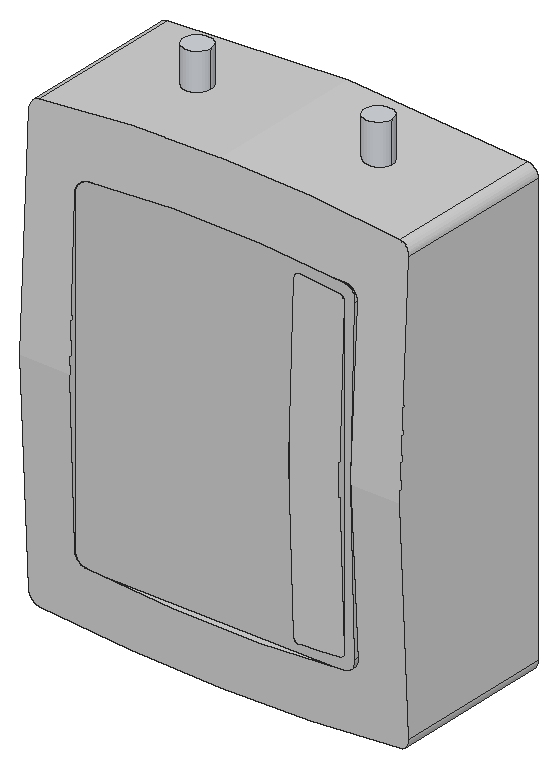
Revit family "Amicus", category Mechanical Equipment, Revit 2018
Family settings
  Round Connector Dimension = Use Diameter
  Part Type = Normal
  OmniClass Number = 23.75.00.00
  OmniClass Title = Climate Control (HVAC)
  Work Plane-Based = No
  Always vertical = Yes
  Cut with Voids When Loaded = No
  Shared = No
  Room Calculation Point = No
Parameters (values of type "Amicus 3")
  Watt = 3500 VA
  Volt = 230 V
  URL = "https://masterwatt.nl/"
  Model = "Amicus 3"
  Materiaal 2 = Kunststof licht grijs mat
  Materiaal 1 = Kunststof wit
  Manufacturer = "Masterwatt B.V."
  Copyright = "Masterwatt B.V."  # constant formula
  Art. No. = "200 360 035"
Types (5, lengths in mm): name | Watt | Model | Art. No.
  (no name) | 3500 VA | "Amicus 3" | "200 360 035"
  Amicus 3 | 3500 VA | "Amicus 3" | "200 360 035"
  Amicus 4 | 4400 VA | "Amicus 4" | "200 360 044"
  Amicus 5 | 5500 VA | "Amicus 5" | "200 360 055"
  Amicus 6 | 6000 VA | "Amicus 6" | "200 360 060"
Reference planes
  plane 1 "Center (Front/Back)": y = 0
  plane 2: z = 0
  plane 3 "Center (Left/Right)": x = 0
  plane 4: x = -84
  plane 5: x = 84
  plane 6: z = 210
  plane 7: z = 225
  plane 8: z = -15
  plane 9: z = 205
  plane 10: z = 5
  plane 11: y = -70
  plane 12: y = -76
Forms (mm)
  Extrusion 1, solid, material "Kunststof wit" <- "Materiaal 1", detail levels fine
    sketch origin (0, 0, 0) x (1, 0, 0) y (0, 0, 1)
      loop
        arc (-84, 9.452) -> (-82.729, 6.121) -> (-79.562, 4.484) r 5
        arc (-79.562, 4.484) -> (0, 0) -> (79.562, 4.484) r 708.1
        arc (79.562, 4.484) -> (82.729, 6.121) -> (84, 9.452) r 5
        line (84, 9.452) -> (84, 200.548)
        arc (84, 200.548) -> (82.729, 203.879) -> (79.562, 205.516) r 5
        arc (79.562, 205.516) -> (0, 210) -> (-79.562, 205.516) r 708.1
        arc (-79.562, 205.516) -> (-82.729, 203.879) -> (-84, 200.548) r 5
        line (-84, 200.548) -> (-84, 9.452)
    from 0 to 76
  Extrusion 2, void
    sketch origin (0, 0, 0) x (0, 1, 0) y (0, 0, 1)
      loop
        line (-70, 210) -> (-78, 210) -> (-78, 0) -> (-70, 0)
        arc (-70, 0) -> (-76, 105) -> (-70, 210) r 921.75
    from -84 to 84
  Extrusion 3, void
    sketch origin (0, 0, 0) x (1, 0, 0) y (0, 0, 1)
      loop
        arc (-62, 34.385) -> (-60.455, 30.367) -> (-56.617, 28.417) r 6
        arc (-56.617, 28.417) -> (0, 25.5) -> (56.617, 28.417) r 550.893
        arc (56.617, 28.417) -> (60.455, 30.367) -> (62, 34.385) r 6
        line (62, 34.385) -> (62, 175.615)
        arc (62, 175.615) -> (60.455, 179.633) -> (56.617, 181.583) r 6
        arc (56.617, 181.583) -> (0, 184.5) -> (-56.617, 181.583) r 550.893
        arc (-56.617, 181.583) -> (-60.455, 179.633) -> (-62, 175.615) r 6
        line (-62, 175.615) -> (-62, 34.385)
    from 50 to 76
  Extrusion 4, solid, material "Kunststof licht grijs mat" <- "Materiaal 2", detail levels fine
    sketch origin (0, 0, 0) x (1, 0, 0) y (0, 0, 1)
      loop
        arc (-62, 34.385) -> (-60.455, 30.367) -> (-56.617, 28.417) r 6
        arc (-56.617, 28.417) -> (0, 25.5) -> (56.617, 28.417) r 550.893
        arc (56.617, 28.417) -> (60.455, 30.367) -> (62, 34.385) r 6
        line (62, 34.385) -> (62, 175.615)
        arc (62, 175.615) -> (60.455, 179.633) -> (56.617, 181.583) r 6
        arc (56.617, 181.583) -> (0, 184.5) -> (-56.617, 181.583) r 550.893
        arc (-56.617, 181.583) -> (-60.455, 179.633) -> (-62, 175.615) r 6
        line (-62, 175.615) -> (-62, 34.385)
      loop
        line (57, 35.288) -> (57, 174.712)
        arc (57, 174.712) -> (56.484, 176.053) -> (55.202, 176.702) r 2
        arc (55.202, 176.702) -> (46.176, 177.544) -> (37.136, 178.235) r 545.893
        arc (37.136, 178.235) -> (35.635, 177.702) -> (35, 176.24) r 2
        line (35, 176.24) -> (35, 33.76)
        arc (35, 33.76) -> (35.635, 32.298) -> (37.136, 31.765) r 2
        arc (37.136, 31.765) -> (46.176, 32.456) -> (55.202, 33.298) r 545.893
        arc (55.202, 33.298) -> (56.484, 33.947) -> (57, 35.288) r 2
    from 50 to 76
  Extrusion 5, solid, material "Kunststof wit" <- "Materiaal 1", detail levels fine
    sketch origin (0, 0, 0) x (1, 0, 0) y (0, 0, 1)
      loop
        line (57, 35.288) -> (57, 174.712)
        arc (57, 174.712) -> (56.484, 176.053) -> (55.202, 176.702) r 2
        arc (55.202, 176.702) -> (46.176, 177.544) -> (37.136, 178.235) r 545.893
        arc (37.136, 178.235) -> (35.635, 177.702) -> (35, 176.24) r 2
        line (35, 176.24) -> (35, 33.76)
        arc (35, 33.76) -> (35.635, 32.298) -> (37.136, 31.765) r 2
        arc (37.136, 31.765) -> (46.176, 32.456) -> (55.202, 33.298) r 545.893
        arc (55.202, 33.298) -> (56.484, 33.947) -> (57, 35.288) r 2
    from 50 to 76
  Extrusion 6, solid
    sketch origin (0, 0, 0) x (1, 0, 0) y (0, 1, 0)
      loop
        circle (40, -33) r 6
      loop
        circle (-40, -33) r 6
    from 205 to 225
  Extrusion 7, solid, detail levels coarse+medium
    sketch origin (0, 0, 0) x (1, 0, 0) y (0, 1, 0)
      loop
        line (-84, 0) -> (-84, -76) -> (84, -76) -> (84, 0) -> (-84, 0)
    from 0 to 210
Cuts and joins
  Extrusion 2, Extrusion 3 cuts Extrusion 1
  Extrusion 2 cuts Extrusion 4
  Extrusion 2 cuts Extrusion 5
Dimensions and locks
  aligned and locked: level to plane 2
  aligned and locked: Extrusion 1 sketch curve to plane 5
  aligned and locked: plane 4 to Extrusion 1 sketch curve
  aligned and locked: plane 12 to Extrusion 1
  aligned and locked: Extrusion 2 to plane 4
  aligned and locked: plane 5 to Extrusion 2
  aligned and locked: plane 12 to Extrusion 3
  aligned and locked: plane 12 to Extrusion 4
  aligned and locked: cut or joined group of Extrusion 1, Extrusion 2, Extrusion 3 to Extrusion 5
  aligned and locked: plane 12 to Extrusion 5
  aligned and locked: Extrusion 1 to plane 1 "Center (Front/Back)"
  aligned and locked: plane 7 to Extrusion 6
  aligned and locked: Extrusion 6 to plane 9
  aligned and locked: plane 1 "Center (Front/Back)" to Extrusion 7 sketch curve
  aligned and locked: plane 4 to Extrusion 7 sketch curve
  aligned and locked: Extrusion 7 sketch curve to plane 12
  aligned and locked: Extrusion 7 sketch curve to plane 5
  aligned and locked: plane 6 to Extrusion 7
Connectors
  piping at (-40, -33, 225), diameter 9.5
    settings: on Extrusion 6, index 1, connector inside diameter 609.6 mm, connector length 0 mm, flow factor 0, pipe flow 0.0 L/s, pressure drop 0.0 Pa, fitting loss kfactor 0, connector angle 0.00°, fixture units 0, engagement length 0 mm, angle of deflection 0.00°, flow configuration 0, flow direction 1, fitting loss method 0, system type 20, joint type 0, gender type 0, connector reference index -1, connector utility 0, adjustable connector no, is connector primary yes, connector description ""
  piping at (40, -33, 225), diameter 9.5
    settings: on Extrusion 6, index 2, connector inside diameter 609.6 mm, connector length 0 mm, flow factor 0, pipe flow 0.0 L/s, pressure drop 0.0 Pa, fitting loss kfactor 0, connector angle 0.00°, fixture units 0, engagement length 0 mm, angle of deflection 0.00°, flow configuration 0, flow direction 2, fitting loss method 0, system type 19, joint type 0, gender type 0, connector reference index -1, connector utility 0, adjustable connector no, is connector primary no, connector description ""
  electrical at (0, 0, 105), driven by "Volt", driven by "Watt"
    settings: on cut or joined group of Extrusion 1, Extrusion 2, Extrusion 3, index 3, voltage 230 V, apparent load 3500 VA, apparent load phase1 0 VA, apparent load phase2 0 VA, apparent load phase3 0 VA, power factor 1, load classification "Other", number of poles 1, system type 30, power factor state 1, is connector primary yes, connector utility no, sub classification motor no, connector description ""
